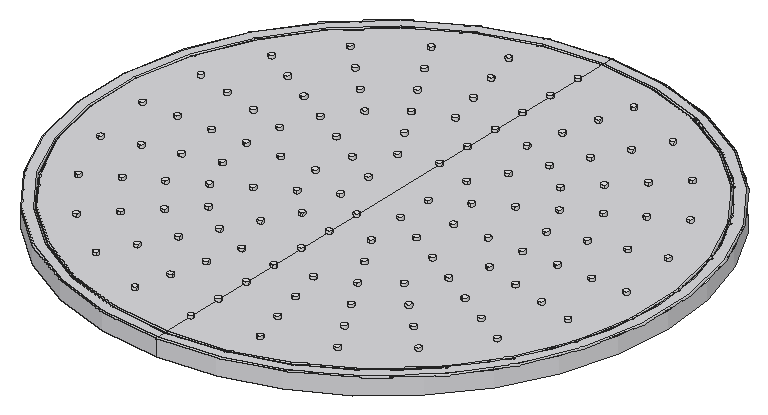
Revit family "Shower-Showerhead-KOHLER-KATALYST_AIR-K-15994T", category Plumbing Fixtures, host Face, Revit 2017
Family settings
  Host = Face
  Round Connector Dimension = Use Diameter
  Part Type = Normal
  OmniClass Number = 23.31.17.00
  OmniClass Title = Showers
  Cut with Voids When Loaded = No
  Shared = No
  Room Calculation Point = No
Parameters (values of type "CP-Polished Chrome")
  Width = 14 1/64"  # constant formula
  WaterSense Certified = 1 = 0  # no
  Waste Water Outlet = "Waste Water Outlet"  # constant formula
  Waste Connection = 1 = 0  # no
  Vent Connection = 1 = 0  # no
  URL = "http://www.kohler.com.cn/"
  Type = 1
  Product Page URL = "https://www.kohler.com.cn/product/K-15994T-CL-CP/K-15994T-CL-CP/"
  Product Name = "Katalyst "  # constant formula
  Product Documentation Link = "https://files.kohler.com.cn/pdfs/k_15994t_1.pdf"
  Pressure = 0.00 psi
  Model = if(Type = 1, "K-15994T-CL-CP", if(Type = 2, "K-15994T-CL-AF", if(Type = 3, "K-15994T-CL-BN", if(Type = 4, "K-15994T-CL-SN", if(Type = 5, "K-15994T-CL-PGD", if(Type = 6, "K-15994T-CL-BV", "NA"))))))  # "K-15994T-CL-CP"
  Material = "Premium Metal Construction"  # constant formula
  Master Format 2014 Name = "Residential Showers"  # constant formula
  Master Format 2014 = "22 42 23"  # constant formula
  Manufacturer Address = "Kohler Beijing Office (100016) 36-2-03-B, No. 88, Liuxiang Road, Beijing"  # constant formula
  Manufacturer = "KOHLER Co."  # constant formula
  Length = 2 143/256"  # constant formula
  Hot Water Inlet = "Tempered Water Inlet"  # constant formula
  Height = 14 1/64"  # constant formula
  HW Connection = 1 = 1  # yes
  Flow Rate = 0 GPM
  Finish = Kohler-Metal-CP-Polished_Chrome
  Environmental Product Declaration = ""
  Drain Included = 1 = 0  # no
  Description = "AIR SHOWERHEAD rain shower head 14"  # constant formula
  Default Elevation = 0"
  Declare Label = ""
  Date Modified = "09/16/2020"  # constant formula
  Date Created = "09/16/2020"  # constant formula
  Copyright = "Copyright KOHLER Co."  # constant formula
  Contact Us = "http://www.kohler.com.cn/contact/contact-us/"
  Cold Water Inlet = "Cold Water Inlet"  # constant formula
  CW Connection = 1 = 0  # no
  Assembly Code = "D2010700"
  ADA Compliant = 1 = 0  # no
Reference planes (in)
  plane 1 "Center (Front/Back)": y = 0
  plane 2: z = 0
  plane 3 "Center (Left/Right)": x = 0
  plane 4: x = -7.00787
  plane 5: x = 7.00775
  plane 6: y = 7.00787
  plane 7: y = -7.00775
  plane 8: z = 2.55859
  plane 9: x = -0.68898
  plane 10: x = 0.68898
  plane 11: y = 0.68898
  plane 12: y = -0.68898
  plane 13: z = 1.01991
  plane 14: z = 2.08291
Dimensions and locks (in)
  "Width": plane 4 to plane 5
  "Height": plane 6 to plane 7
  "Length": level to plane 8
  aligned and locked: plane 2 to host face
  aligned and locked: level to host face
  aligned and locked: plane 3 "Center (Left/Right)" to nested 1
  aligned and locked: plane 1 "Center (Front/Back)" to nested 1
Automatic sketch dimensions
  host sketch curve to host sketch curve = 96"  (x2)
Nested families (in)
  nested 1: "K-15994T" at (0, 0, 0), type "K-15994T"
Connectors (in)
  piping at (0, 0, 0), diameter 0.5, driven by "Flow Rate", driven by "HW Connection", driven by "Hot Water Inlet"
    settings: on nested 1, index 1, connector inside diameter 24", connector length 0", flow factor 0, pipe flow 0 GPM, pressure drop 0.00 psi, fitting loss kfactor 0, connector angle 0.00°, fixture units 0, engagement length 0", angle of deflection 0.00°, flow configuration 0, flow direction 1, fitting loss method 0, system type 19, joint type 0, gender type 0, connector reference index -1, connector utility 1, adjustable connector no, is connector primary yes, connector description "Tempered Water Inlet"
Definition of nested family "K-15994T"
  Parameters (values of type "K-15994T")
    Material = none
  Reference planes (in)
    plane 1 "Center (Front/Back)": y = 0
    plane 2: z = 0
    plane 3 "Center (Left/Right)": x = 0
    plane 4: z = 2.55906
    plane 5: y = 7.00787
    plane 6: y = -7.00787
    plane 7: x = 7.00787
    plane 8: x = -7.00787
    plane 9: y = 0.68898
    plane 10: y = -0.68898
    plane 11: x = 0.68898
    plane 12: x = -0.68898
  Forms (in)
    Revolve 1, solid, material <- "Material", detail levels medium+fine
      sketch origin (0, 0, 0) x (0, 1, 0) y (0, 0, 1)
        loop
          arc (0.47323, 0) -> (0.48938, 0.00669) -> (0.49606, 0.02283) r 0.02283
          line (0.49606, 0.02283) -> (0.49606, 0.12795) -> (0.45472, 0.16929) -> (0.45472, 0.66789)
          arc (0.45472, 0.66789) -> (0.40963, 0.71568) -> (0.35235, 0.74787) r 0.21811
          arc (0.35235, 0.74787) -> (0.30828, 0.80211) -> (0.33373, 0.8672) r 0.06941
          arc (0.33373, 0.8672) -> (0.40555, 0.93705) -> (0.46187, 1.01991) r 0.49609
          line (0.46187, 1.01991) -> (0.68898, 1.01991) -> (0.68898, 2.08291) -> (7.00787, 2.08291) -> (7.00787, 2.48568)
          arc (7.00787, 2.48568) -> (7.0008, 2.50277) -> (6.98372, 2.50984) r 0.02416
          line (6.98372, 2.50984) -> (6.75146, 2.50984)
          arc (6.75146, 2.50984) -> (6.73355, 2.50242) -> (6.72613, 2.48451) r 0.02533
          line (6.72613, 2.48451) -> (6.71137, 2.29259) -> (6.71137, 2.48444)
          arc (6.71137, 2.48444) -> (6.70393, 2.5024) -> (6.68597, 2.50984) r 0.0254
          line (6.68597, 2.50984) -> (0, 2.50984) -> (0, 0) -> (0.47323, 0)
        axis (0, 2.50984) -> (0, 0)
      angle from 0 to 360
    Extrusion 2, solid, detail levels medium+fine
      sketch origin (0, 0, 0) x (0.5, 0.866025, 0) y (-0.866025, 0.5, 0)
        loop
          circle (0, 0.84991) r 0.0652
      from 2.45692 to 2.55906
    Extrusion 3, solid, detail levels medium+fine
      sketch origin (0, 0, 0) x (-0.5, 0.866025, 0) y (-0.866025, -0.5, 0)
        loop
          circle (0, 0.84991) r 0.0652
      from 2.45692 to 2.55906
    Extrusion 4, solid, detail levels medium+fine
      sketch origin (0, 0, 0) x (-1, 0, 0) y (0, -1, 0)
        loop
          circle (0, 0.84991) r 0.0652
      from 2.45692 to 2.55906
    Extrusion 5, solid, detail levels medium+fine
      sketch origin (0, 0, 0) x (-0.5, -0.866025, 0) y (0.866025, -0.5, 0)
        loop
          circle (0, 0.84991) r 0.0652
      from 2.45692 to 2.55906
    Extrusion 6, solid, detail levels medium+fine
      sketch origin (0, 0, 0) x (0.5, -0.866025, 0) y (0.866025, 0.5, 0)
        loop
          circle (0, 0.84991) r 0.0652
      from 2.45692 to 2.55906
    Extrusion 7, solid, detail levels medium+fine
      sketch origin (0, 0, 0) x (1, 0, 0) y (0, 1, 0)
        loop
          circle (0, 1.7002) r 0.06693
      from 2.45692 to 2.55906
    Extrusion 8, solid, detail levels medium+fine
      sketch origin (0, 0, 0) x (0.866025, 0.5, 0) y (-0.5, 0.866025, 0)
        loop
          circle (0, 1.7002) r 0.06693
      from 2.45692 to 2.55906
    Extrusion 9, solid, detail levels medium+fine
      sketch origin (0, 0, 0) x (0.5, 0.866025, 0) y (-0.866025, 0.5, 0)
        loop
          circle (0, 1.7002) r 0.06693
      from 2.45692 to 2.55906
    Extrusion 10, solid, detail levels medium+fine
      sketch origin (0, 0, 0) x (0, 1, 0) y (-1, 0, 0)
        loop
          circle (0, 1.7002) r 0.06693
      from 2.45692 to 2.55906
    Extrusion 11, solid, detail levels medium+fine
      sketch origin (0, 0, 0) x (-0.5, 0.866025, 0) y (-0.866025, -0.5, 0)
        loop
          circle (0, 1.7002) r 0.06693
      from 2.45692 to 2.55906
    Extrusion 12, solid, detail levels medium+fine
      sketch origin (0, 0, 0) x (-0.866025, 0.5, 0) y (-0.5, -0.866025, 0)
        loop
          circle (0, 1.7002) r 0.06693
      from 2.45692 to 2.55906
    Extrusion 13, solid, detail levels medium+fine
      sketch origin (0, 0, 0) x (-1, 0, 0) y (0, -1, 0)
        loop
          circle (0, 1.7002) r 0.06693
      from 2.45692 to 2.55906
    Extrusion 14, solid, detail levels medium+fine
      sketch origin (0, 0, 0) x (-0.866025, -0.5, 0) y (0.5, -0.866025, 0)
        loop
          circle (0, 1.7002) r 0.06693
      from 2.45692 to 2.55906
    Extrusion 15, solid, detail levels medium+fine
      sketch origin (0, 0, 0) x (-0.5, -0.866025, 0) y (0.866025, -0.5, 0)
        loop
          circle (0, 1.7002) r 0.06693
      from 2.45692 to 2.55906
    Extrusion 16, solid, detail levels medium+fine
      sketch origin (0, 0, 0) x (0, -1, 0) y (1, 0, 0)
        loop
          circle (0, 1.7002) r 0.06693
      from 2.45692 to 2.55906
    Extrusion 17, solid, detail levels medium+fine
      sketch origin (0, 0, 0) x (0.5, -0.866025, 0) y (0.866025, 0.5, 0)
        loop
          circle (0, 1.7002) r 0.06693
      from 2.45692 to 2.55906
    Extrusion 18, solid, detail levels medium+fine
      sketch origin (0, 0, 0) x (0.866025, -0.5, 0) y (0.5, 0.866025, 0)
        loop
          circle (0, 1.7002) r 0.06693
      from 2.45692 to 2.55906
    Extrusion 19, solid, detail levels medium+fine
      sketch origin (0, 0, 0) x (1, 0, 0) y (0, 1, 0)
        loop
          circle (0, 2.55113) r 0.06693
      from 2.45692 to 2.55906
    Extrusion 20, solid, detail levels medium+fine
      sketch origin (0, 0, 0) x (0.866025, 0.5, 0) y (-0.5, 0.866025, 0)
        loop
          circle (0, 2.55113) r 0.06693
      from 2.45692 to 2.55906
    Extrusion 21, solid, detail levels medium+fine
      sketch origin (0, 0, 0) x (0.5, 0.866025, 0) y (-0.866025, 0.5, 0)
        loop
          circle (0, 2.55113) r 0.06693
      from 2.45692 to 2.55906
    Extrusion 22, solid, detail levels medium+fine
      sketch origin (0, 0, 0) x (0, 1, 0) y (-1, 0, 0)
        loop
          circle (0, 2.55113) r 0.06693
      from 2.45692 to 2.55906
    Extrusion 23, solid, detail levels medium+fine
      sketch origin (0, 0, 0) x (-0.5, 0.866025, 0) y (-0.866025, -0.5, 0)
        loop
          circle (0, 2.55113) r 0.06693
      from 2.45692 to 2.55906
    Extrusion 24, solid, detail levels medium+fine
      sketch origin (0, 0, 0) x (-0.866025, 0.5, 0) y (-0.5, -0.866025, 0)
        loop
          circle (0, 2.55113) r 0.06693
      from 2.45692 to 2.55906
    Extrusion 25, solid, detail levels medium+fine
      sketch origin (0, 0, 0) x (-1, 0, 0) y (0, -1, 0)
        loop
          circle (0, 2.55113) r 0.06693
      from 2.45692 to 2.55906
    Extrusion 26, solid, detail levels medium+fine
      sketch origin (0, 0, 0) x (-0.866025, -0.5, 0) y (0.5, -0.866025, 0)
        loop
          circle (0, 2.55113) r 0.06693
      from 2.45692 to 2.55906
    Extrusion 27, solid, detail levels medium+fine
      sketch origin (0, 0, 0) x (-0.5, -0.866025, 0) y (0.866025, -0.5, 0)
        loop
          circle (0, 2.55113) r 0.06693
      from 2.45692 to 2.55906
    Extrusion 28, solid, detail levels medium+fine
      sketch origin (0, 0, 0) x (0, -1, 0) y (1, 0, 0)
        loop
          circle (0, 2.55113) r 0.06693
      from 2.45692 to 2.55906
    Extrusion 29, solid, detail levels medium+fine
      sketch origin (0, 0, 0) x (0.5, -0.866025, 0) y (0.866025, 0.5, 0)
        loop
          circle (0, 2.55113) r 0.06693
      from 2.45692 to 2.55906
    Extrusion 30, solid, detail levels medium+fine
      sketch origin (0, 0, 0) x (0.866025, -0.5, 0) y (0.5, 0.866025, 0)
        loop
          circle (0, 2.55113) r 0.06693
      from 2.45692 to 2.55906
    Extrusion 31, solid, detail levels medium+fine
      sketch origin (0, 0, 0) x (1, 0, 0) y (0, 1, 0)
        loop
          circle (0, 3.40084) r 0.06734
        loop
          circle (0, 4.25288) r 0.06879
      from 2.45692 to 2.55906
    Extrusion 32, solid, detail levels medium+fine
      sketch origin (0, 0, 0) x (0.965926, 0.258819, 0) y (-0.258819, 0.965926, 0)
        loop
          circle (0, 3.40084) r 0.06734
        loop
          circle (0, 4.25288) r 0.06879
      from 2.45692 to 2.55906
    Extrusion 33, solid, detail levels medium+fine
      sketch origin (0, 0, 0) x (0.866025, 0.5, 0) y (-0.5, 0.866025, 0)
        loop
          circle (0, 3.40084) r 0.06734
        loop
          circle (0, 4.25288) r 0.06879
      from 2.45692 to 2.55906
    Extrusion 34, solid, detail levels medium+fine
      sketch origin (0, 0, 0) x (0.707107, 0.707107, 0) y (-0.707107, 0.707107, 0)
        loop
          circle (0, 3.40084) r 0.06734
        loop
          circle (0, 4.25288) r 0.06879
      from 2.45692 to 2.55906
    Extrusion 35, solid, detail levels medium+fine
      sketch origin (0, 0, 0) x (0.5, 0.866025, 0) y (-0.866025, 0.5, 0)
        loop
          circle (0, 3.40084) r 0.06734
        loop
          circle (0, 4.25288) r 0.06879
      from 2.45692 to 2.55906
    Extrusion 36, solid, detail levels medium+fine
      sketch origin (0, 0, 0) x (0.258819, 0.965926, 0) y (-0.965926, 0.258819, 0)
        loop
          circle (0, 3.40084) r 0.06734
        loop
          circle (0, 4.25288) r 0.06879
      from 2.45692 to 2.55906
    Extrusion 37, solid, detail levels medium+fine
      sketch origin (0, 0, 0) x (0, 1, 0) y (-1, 0, 0)
        loop
          circle (0, 3.40084) r 0.06734
        loop
          circle (0, 4.25288) r 0.06879
      from 2.45692 to 2.55906
    Extrusion 38, solid, detail levels medium+fine
      sketch origin (0, 0, 0) x (-0.258819, 0.965926, 0) y (-0.965926, -0.258819, 0)
        loop
          circle (0, 3.40084) r 0.06734
        loop
          circle (0, 4.25288) r 0.06879
      from 2.45692 to 2.55906
    Extrusion 39, solid, detail levels medium+fine
      sketch origin (0, 0, 0) x (-0.5, 0.866025, 0) y (-0.866025, -0.5, 0)
        loop
          circle (0, 3.40084) r 0.06734
        loop
          circle (0, 4.25288) r 0.06879
      from 2.45692 to 2.55906
    Extrusion 40, solid, detail levels medium+fine
      sketch origin (0, 0, 0) x (-0.707107, 0.707107, 0) y (-0.707107, -0.707107, 0)
        loop
          circle (0, 3.40084) r 0.06734
        loop
          circle (0, 4.25288) r 0.06879
      from 2.45692 to 2.55906
    Extrusion 41, solid, detail levels medium+fine
      sketch origin (0, 0, 0) x (-0.866025, 0.5, 0) y (-0.5, -0.866025, 0)
        loop
          circle (0, 3.40084) r 0.06734
        loop
          circle (0, 4.25288) r 0.06879
      from 2.45692 to 2.55906
    Extrusion 42, solid, detail levels medium+fine
      sketch origin (0, 0, 0) x (-0.965926, 0.258819, 0) y (-0.258819, -0.965926, 0)
        loop
          circle (0, 3.40084) r 0.06734
        loop
          circle (0, 4.25288) r 0.06879
      from 2.45692 to 2.55906
    Extrusion 43, solid, detail levels medium+fine
      sketch origin (0, 0, 0) x (-1, 0, 0) y (0, -1, 0)
        loop
          circle (0, 3.40084) r 0.06734
        loop
          circle (0, 4.25288) r 0.06879
      from 2.45692 to 2.55906
    Extrusion 44, solid, detail levels medium+fine
      sketch origin (0, 0, 0) x (-0.965926, -0.258819, 0) y (0.258819, -0.965926, 0)
        loop
          circle (0, 3.40084) r 0.06734
        loop
          circle (0, 4.25288) r 0.06879
      from 2.45692 to 2.55906
    Extrusion 45, solid, detail levels medium+fine
      sketch origin (0, 0, 0) x (-0.866025, -0.5, 0) y (0.5, -0.866025, 0)
        loop
          circle (0, 3.40084) r 0.06734
        loop
          circle (0, 4.25288) r 0.06879
      from 2.45692 to 2.55906
    Extrusion 46, solid, detail levels medium+fine
      sketch origin (0, 0, 0) x (-0.707107, -0.707107, 0) y (0.707107, -0.707107, 0)
        loop
          circle (0, 3.40084) r 0.06734
        loop
          circle (0, 4.25288) r 0.06879
      from 2.45692 to 2.55906
    Extrusion 47, solid, detail levels medium+fine
      sketch origin (0, 0, 0) x (-0.5, -0.866025, 0) y (0.866025, -0.5, 0)
        loop
          circle (0, 3.40084) r 0.06734
        loop
          circle (0, 4.25288) r 0.06879
      from 2.45692 to 2.55906
    Extrusion 48, solid, detail levels medium+fine
      sketch origin (0, 0, 0) x (-0.258819, -0.965926, 0) y (0.965926, -0.258819, 0)
        loop
          circle (0, 3.40084) r 0.06734
        loop
          circle (0, 4.25288) r 0.06879
      from 2.45692 to 2.55906
    Extrusion 49, solid, detail levels medium+fine
      sketch origin (0, 0, 0) x (0, -1, 0) y (1, 0, 0)
        loop
          circle (0, 3.40084) r 0.06734
        loop
          circle (0, 4.25288) r 0.06879
      from 2.45692 to 2.55906
    Extrusion 50, solid, detail levels medium+fine
      sketch origin (0, 0, 0) x (0.258819, -0.965926, 0) y (0.965926, 0.258819, 0)
        loop
          circle (0, 3.40084) r 0.06734
        loop
          circle (0, 4.25288) r 0.06879
      from 2.45692 to 2.55906
    Extrusion 51, solid, detail levels medium+fine
      sketch origin (0, 0, 0) x (0.5, -0.866025, 0) y (0.866025, 0.5, 0)
        loop
          circle (0, 3.40084) r 0.06734
        loop
          circle (0, 4.25288) r 0.06879
      from 2.45692 to 2.55906
    Extrusion 52, solid, detail levels medium+fine
      sketch origin (0, 0, 0) x (0.707107, -0.707107, 0) y (0.707107, 0.707107, 0)
        loop
          circle (0, 3.40084) r 0.06734
        loop
          circle (0, 4.25288) r 0.06879
      from 2.45692 to 2.55906
    Extrusion 53, solid, detail levels medium+fine
      sketch origin (0, 0, 0) x (0.866025, -0.5, 0) y (0.5, 0.866025, 0)
        loop
          circle (0, 3.40084) r 0.06734
        loop
          circle (0, 4.25288) r 0.06879
      from 2.45692 to 2.55906
    Extrusion 54, solid, detail levels medium+fine
      sketch origin (0, 0, 0) x (0.965926, -0.258819, 0) y (0.258819, 0.965926, 0)
        loop
          circle (0, 3.40084) r 0.06734
        loop
          circle (0, 4.25288) r 0.06879
      from 2.45692 to 2.55906
    Extrusion 55, solid, detail levels medium+fine
      sketch origin (0, 0, 0) x (1, 0, 0) y (0, 1, 0)
        loop
          circle (0, 5.10273) r 0.06693
        loop
          circle (0, 5.95532) r 0.06505
      from 2.45692 to 2.55906
    Extrusion 56, solid, detail levels medium+fine
      sketch origin (0, 0, 0) x (0.965926, 0.258819, 0) y (-0.258819, 0.965926, 0)
        loop
          circle (0, 5.10273) r 0.06693
        loop
          circle (0, 5.95532) r 0.06505
      from 2.45692 to 2.55906
    Extrusion 57, solid, detail levels medium+fine
      sketch origin (0, 0, 0) x (0.866025, 0.5, 0) y (-0.5, 0.866025, 0)
        loop
          circle (0, 5.10273) r 0.06693
        loop
          circle (0, 5.95532) r 0.06505
      from 2.45692 to 2.55906
    Extrusion 58, solid, detail levels medium+fine
      sketch origin (0, 0, 0) x (0.707107, 0.707107, 0) y (-0.707107, 0.707107, 0)
        loop
          circle (0, 5.10273) r 0.06693
        loop
          circle (0, 5.95532) r 0.06505
      from 2.45692 to 2.55906
    Extrusion 59, solid, detail levels medium+fine
      sketch origin (0, 0, 0) x (0.5, 0.866025, 0) y (-0.866025, 0.5, 0)
        loop
          circle (0, 5.10273) r 0.06693
        loop
          circle (0, 5.95532) r 0.06505
      from 2.45692 to 2.55906
    Extrusion 60, solid, detail levels medium+fine
      sketch origin (0, 0, 0) x (0.258819, 0.965926, 0) y (-0.965926, 0.258819, 0)
        loop
          circle (0, 5.10273) r 0.06693
        loop
          circle (0, 5.95532) r 0.06505
      from 2.45692 to 2.55906
    Extrusion 61, solid, detail levels medium+fine
      sketch origin (0, 0, 0) x (0, 1, 0) y (-1, 0, 0)
        loop
          circle (0, 5.10273) r 0.06693
        loop
          circle (0, 5.95532) r 0.06505
      from 2.45692 to 2.55906
    Extrusion 62, solid, detail levels medium+fine
      sketch origin (0, 0, 0) x (-0.258819, 0.965926, 0) y (-0.965926, -0.258819, 0)
        loop
          circle (0, 5.10273) r 0.06693
        loop
          circle (0, 5.95532) r 0.06505
      from 2.45692 to 2.55906
    Extrusion 63, solid, detail levels medium+fine
      sketch origin (0, 0, 0) x (-0.5, 0.866025, 0) y (-0.866025, -0.5, 0)
        loop
          circle (0, 5.10273) r 0.06693
        loop
          circle (0, 5.95532) r 0.06505
      from 2.45692 to 2.55906
    Extrusion 64, solid, detail levels medium+fine
      sketch origin (0, 0, 0) x (-0.707107, 0.707107, 0) y (-0.707107, -0.707107, 0)
        loop
          circle (0, 5.10273) r 0.06693
        loop
          circle (0, 5.95532) r 0.06505
      from 2.45692 to 2.55906
    Extrusion 65, solid, detail levels medium+fine
      sketch origin (0, 0, 0) x (-0.866025, 0.5, 0) y (-0.5, -0.866025, 0)
        loop
          circle (0, 5.10273) r 0.06693
        loop
          circle (0, 5.95532) r 0.06505
      from 2.45692 to 2.55906
    Extrusion 66, solid, detail levels medium+fine
      sketch origin (0, 0, 0) x (-0.965926, 0.258819, 0) y (-0.258819, -0.965926, 0)
        loop
          circle (0, 5.10273) r 0.06693
        loop
          circle (0, 5.95532) r 0.06505
      from 2.45692 to 2.55906
    Extrusion 67, solid, detail levels medium+fine
      sketch origin (0, 0, 0) x (-1, 0, 0) y (0, -1, 0)
        loop
          circle (0, 5.10273) r 0.06693
        loop
          circle (0, 5.95532) r 0.06505
      from 2.45692 to 2.55906
    Extrusion 68, solid, detail levels medium+fine
      sketch origin (0, 0, 0) x (-0.965926, -0.258819, 0) y (0.258819, -0.965926, 0)
        loop
          circle (0, 5.10273) r 0.06693
        loop
          circle (0, 5.95532) r 0.06505
      from 2.45692 to 2.55906
    Extrusion 69, solid, detail levels medium+fine
      sketch origin (0, 0, 0) x (-0.866025, -0.5, 0) y (0.5, -0.866025, 0)
        loop
          circle (0, 5.10273) r 0.06693
        loop
          circle (0, 5.95532) r 0.06505
      from 2.45692 to 2.55906
    Extrusion 70, solid, detail levels medium+fine
      sketch origin (0, 0, 0) x (-0.707107, -0.707107, 0) y (0.707107, -0.707107, 0)
        loop
          circle (0, 5.10273) r 0.06693
        loop
          circle (0, 5.95532) r 0.06505
      from 2.45692 to 2.55906
    Extrusion 71, solid, detail levels medium+fine
      sketch origin (0, 0, 0) x (-0.5, -0.866025, 0) y (0.866025, -0.5, 0)
        loop
          circle (0, 5.10273) r 0.06693
        loop
          circle (0, 5.95532) r 0.06505
      from 2.45692 to 2.55906
    Extrusion 72, solid, detail levels medium+fine
      sketch origin (0, 0, 0) x (-0.258819, -0.965926, 0) y (0.965926, -0.258819, 0)
        loop
          circle (0, 5.10273) r 0.06693
        loop
          circle (0, 5.95532) r 0.06505
      from 2.45692 to 2.55906
    Extrusion 73, solid, detail levels medium+fine
      sketch origin (0, 0, 0) x (0, -1, 0) y (1, 0, 0)
        loop
          circle (0, 5.10273) r 0.06693
        loop
          circle (0, 5.95532) r 0.06505
      from 2.45692 to 2.55906
    Extrusion 74, solid, detail levels medium+fine
      sketch origin (0, 0, 0) x (0.258819, -0.965926, 0) y (0.965926, 0.258819, 0)
        loop
          circle (0, 5.10273) r 0.06693
        loop
          circle (0, 5.95532) r 0.06505
      from 2.45692 to 2.55906
    Extrusion 75, solid, detail levels medium+fine
      sketch origin (0, 0, 0) x (0.5, -0.866025, 0) y (0.866025, 0.5, 0)
        loop
          circle (0, 5.10273) r 0.06693
        loop
          circle (0, 5.95532) r 0.06505
      from 2.45692 to 2.55906
    Extrusion 76, solid, detail levels medium+fine
      sketch origin (0, 0, 0) x (0.707107, -0.707107, 0) y (0.707107, 0.707107, 0)
        loop
          circle (0, 5.10273) r 0.06693
        loop
          circle (0, 5.95532) r 0.06505
      from 2.45692 to 2.55906
    Extrusion 77, solid, detail levels medium+fine
      sketch origin (0, 0, 0) x (0.866025, -0.5, 0) y (0.5, 0.866025, 0)
        loop
          circle (0, 5.10273) r 0.06693
        loop
          circle (0, 5.95532) r 0.06505
      from 2.45692 to 2.55906
    Extrusion 78, solid, detail levels medium+fine
      sketch origin (0, 0, 0) x (0.965926, -0.258819, 0) y (0.258819, 0.965926, 0)
        loop
          circle (0, 5.10273) r 0.06693
        loop
          circle (0, 5.95532) r 0.06505
      from 2.45692 to 2.55906
    Revolve 79, solid, material <- "Material", detail levels coarse
      sketch origin (0, 0, 0) x (0, 1, 0) y (0, 0, 1)
        loop
          line (0, 2.55906) -> (0, 0) -> (0.49606, 0) -> (0.49606, 0.12795) -> (0.45472, 0.16929) -> (0.45472, 1.01991) -> (0.68898, 1.01991) -> (0.68898, 2.08291) -> (7.00787, 2.08291) -> (7.00787, 2.55906) -> (0, 2.55906)
        axis (0, 0) -> (0, 2.55906)
      angle from 0 to 360
    Extrusion 80, solid, detail levels medium+fine
      sketch origin (0, 0, 0) x (1, 0, 0) y (0, 1, 0)
        loop
          circle (0, 0) r 0.05259
      from 0 to 0.0431
  Lines and regions (in)
    Masking region 1
      outline origin (0, 0, 0) x (0, 1, 0) y (0, 0, 1)
        loop
          arc (0.4732, 0) -> (0.48937, 0.0067) -> (0.49606, 0.02286) r 0.02286
          line (0.49606, 0.02286) -> (0.49606, 0.12795) -> (0.45472, 0.16929) -> (0.45472, 0.66789)
          arc (0.45472, 0.66789) -> (0.40815, 0.71542) -> (0.35075, 0.74912) r 0.25221
          arc (0.35075, 0.74912) -> (0.30963, 0.80482) -> (0.33534, 0.86912) r 0.07115
          arc (0.33534, 0.86912) -> (0.40581, 0.93847) -> (0.46187, 1.01991) r 0.51976
          line (0.46187, 1.01991) -> (0.68898, 1.01991) -> (0.68898, 2.08291) -> (7.00787, 2.08291) -> (7.00787, 2.48548)
          arc (7.00787, 2.48548) -> (7.00074, 2.50271) -> (6.98351, 2.50984) r 0.02436
          line (6.98351, 2.50984) -> (6.02159, 2.50984) -> (6.02159, 2.55906) -> (5.88849, 2.55906) -> (5.88849, 2.50984) -> (5.8173, 2.50984) -> (5.8173, 2.55906) -> (5.68885, 2.55906) -> (5.68885, 2.50984) -> (5.22109, 2.50984) -> (5.22109, 2.55906) -> (5.03574, 2.55906) -> (5.03574, 2.50984) -> (4.99464, 2.50984) -> (4.99464, 2.55906) -> (4.8599, 2.55906) -> (4.8599, 2.50984) -> (4.48753, 2.50984) -> (4.48753, 2.55906) -> (4.35304, 2.55906) -> (4.35304, 2.50984) -> (4.32092, 2.50984) -> (4.32092, 2.55906) -> (4.03914, 2.55906) -> (4.03914, 2.50984) -> (3.75096, 2.50984) -> (3.75096, 2.55906) -> (3.54125, 2.55906) -> (3.54125, 2.50984) -> (3.46664, 2.50984) -> (3.46664, 2.55906) -> (3.21762, 2.55906) -> (3.21762, 2.50984) -> (3.07682, 2.50984) -> (3.07682, 2.55906) -> (2.87787, 2.55906) -> (2.87787, 2.50984) -> (2.61807, 2.50984) -> (2.61807, 2.55906) -> (2.3358, 2.55906) -> (2.3358, 2.50984) -> (2.27547, 2.50984) -> (2.27547, 2.55906) -> (2.05765, 2.55906) -> (2.05765, 2.50984) -> (1.76785, 2.50984) -> (1.76785, 2.55906) -> (1.63308, 2.55906) -> (1.63308, 2.50984) -> (1.60135, 2.50984) -> (1.60135, 2.55906) -> (1.40549, 2.55906) -> (1.40549, 2.50984) -> (1.37172, 2.50984) -> (1.37172, 2.55906) -> (1.20863, 2.55906) -> (1.20863, 2.50984) -> (1.17075, 2.50984) -> (1.17075, 2.55906) -> (1.03194, 2.55906) -> (1.03194, 2.50984) -> (0.94707, 2.50984) -> (0.94707, 2.55906) -> (0.78317, 2.55906) -> (0.78317, 2.50984) -> (0.48897, 2.50984) -> (0.48897, 2.55906) -> (0.35975, 2.55906) -> (0.35975, 2.50984) -> (0.06758, 2.50984) -> (0.06758, 2.55906) -> (0, 2.55906) -> (-0.06758, 2.55906) -> (-0.06758, 2.50984) -> (-0.35975, 2.50984) -> (-0.35975, 2.55906) -> (-0.48897, 2.55906) -> (-0.48897, 2.50984) -> (-0.78317, 2.50984) -> (-0.78317, 2.55906) -> (-0.94707, 2.55906) -> (-0.94707, 2.50984) -> (-1.03194, 2.50984) -> (-1.03194, 2.55906) -> (-1.17075, 2.55906) -> (-1.17075, 2.50984) -> (-1.20863, 2.50984) -> (-1.20863, 2.55906) -> (-1.37172, 2.55906) -> (-1.37172, 2.50984) -> (-1.40549, 2.50984) -> (-1.40549, 2.55906) -> (-1.60135, 2.55906) -> (-1.60135, 2.50984) -> (-1.63308, 2.50984) -> (-1.63308, 2.55906) -> (-1.76785, 2.55906) -> (-1.76785, 2.50984) -> (-2.05765, 2.50984) -> (-2.05765, 2.55906) -> (-2.27547, 2.55906) -> (-2.27547, 2.50984) -> (-2.3358, 2.50984) -> (-2.3358, 2.55906) -> (-2.61807, 2.55906) -> (-2.61807, 2.50984) -> (-2.87787, 2.50984) -> (-2.87787, 2.55906) -> (-3.07682, 2.55906) -> (-3.07682, 2.50984) -> (-3.21762, 2.50984) -> (-3.21762, 2.55906) -> (-3.46664, 2.55906) -> (-3.46664, 2.50984) -> (-3.54125, 2.50984) -> (-3.54125, 2.55906) -> (-3.75096, 2.55906) -> (-3.75096, 2.50984) -> (-4.03914, 2.50984) -> (-4.03914, 2.55906) -> (-4.32092, 2.55906) -> (-4.32092, 2.50984) -> (-4.35304, 2.50984) -> (-4.35304, 2.55906) -> (-4.48753, 2.55906) -> (-4.48753, 2.50984) -> (-4.8599, 2.50984) -> (-4.8599, 2.55906) -> (-4.99464, 2.55906) -> (-4.99464, 2.50984) -> (-5.03574, 2.50984) -> (-5.03574, 2.55906) -> (-5.22109, 2.55906) -> (-5.22109, 2.50984) -> (-5.68885, 2.50984) -> (-5.68885, 2.55906) -> (-5.8173, 2.55906) -> (-5.8173, 2.50984) -> (-5.88849, 2.50984) -> (-5.88849, 2.55906) -> (-6.02159, 2.55906) -> (-6.02159, 2.50984) -> (-6.98351, 2.50984)
          arc (-6.98351, 2.50984) -> (-7.00074, 2.50271) -> (-7.00787, 2.48548) r 0.02436
          line (-7.00787, 2.48548) -> (-7.00787, 2.08291) -> (-0.68898, 2.08291) -> (-0.68898, 1.01991) -> (-0.46187, 1.01991)
          arc (-0.46187, 1.01991) -> (-0.40581, 0.93847) -> (-0.33534, 0.86912) r 0.51976
          arc (-0.33534, 0.86912) -> (-0.30963, 0.80482) -> (-0.35075, 0.74912) r 0.07115
          arc (-0.35075, 0.74912) -> (-0.40815, 0.71542) -> (-0.45472, 0.66789) r 0.25221
          line (-0.45472, 0.66789) -> (-0.45472, 0.16929) -> (-0.49606, 0.12795) -> (-0.49606, 0.02286)
          arc (-0.49606, 0.02286) -> (-0.48937, 0.0067) -> (-0.4732, 0) r 0.02286
          line (-0.4732, 0) -> (0.4732, 0)
    Masking region 2
      outline origin (0, 0, 0) x (1, 0, 0) y (0, 0, 1)
        loop
          arc (0.47327, 0) -> (0.48939, 0.00668) -> (0.49606, 0.02279) r 0.02279
          line (0.49606, 0.02279) -> (0.49606, 0.12795) -> (0.45472, 0.16929) -> (0.45472, 0.66789)
          arc (0.45472, 0.66789) -> (0.4111, 0.71495) -> (0.35515, 0.74637) r 0.2066
          arc (0.35515, 0.74637) -> (0.30948, 0.80197) -> (0.33534, 0.86912) r 0.07146
          arc (0.33534, 0.86912) -> (0.40606, 0.93826) -> (0.46187, 1.01991) r 0.50254
          line (0.46187, 1.01991) -> (0.68898, 1.01991) -> (0.68898, 2.08291) -> (7.00787, 2.08291) -> (7.00787, 2.48591)
          arc (7.00787, 2.48591) -> (7.00086, 2.50283) -> (6.98394, 2.50984) r 0.02394
          line (6.98394, 2.50984) -> (6.02024, 2.50984) -> (6.02024, 2.55906) -> (5.89026, 2.55906) -> (5.89026, 2.50984) -> (5.8175, 2.50984) -> (5.8175, 2.55906) -> (5.68734, 2.55906) -> (5.68734, 2.50984) -> (5.22253, 2.50984) -> (5.22253, 2.55906) -> (5.0358, 2.55906) -> (5.0358, 2.50984) -> (4.99674, 2.50984) -> (4.99674, 2.55906) -> (4.86193, 2.55906) -> (4.86193, 2.50984) -> (4.48721, 2.50984) -> (4.48721, 2.55906) -> (4.35217, 2.55906) -> (4.35217, 2.50984) -> (4.31911, 2.50984) -> (4.31911, 2.55906) -> (4.03918, 2.55906) -> (4.03918, 2.50984) -> (3.75293, 2.50984) -> (3.75293, 2.55906) -> (3.54125, 2.55906) -> (3.54125, 2.50984) -> (3.46873, 2.50984) -> (3.46873, 2.55906) -> (3.21762, 2.55906) -> (3.21762, 2.50984) -> (3.07717, 2.50984) -> (3.07717, 2.55906) -> (2.87787, 2.55906) -> (2.87787, 2.50984) -> (2.61739, 2.50984) -> (2.61739, 2.55906) -> (2.33742, 2.55906) -> (2.33742, 2.50984) -> (2.27604, 2.50984) -> (2.27604, 2.55906) -> (2.05765, 2.55906) -> (2.05765, 2.50984) -> (1.76419, 2.50984) -> (1.76419, 2.55906) -> (1.2176, 2.55906) -> (1.2176, 2.50984) -> (1.1697, 2.50984) -> (1.1697, 2.55898) -> (1.03111, 2.55898) -> (1.03111, 2.50984) -> (0.94744, 2.50984) -> (0.94744, 2.55906) -> (0.67084, 2.55906) -> (0.67084, 2.50984) -> (0.06702, 2.50984) -> (0.06702, 2.55906) -> (0, 2.55906) -> (-0.06702, 2.55906) -> (-0.06702, 2.50984) -> (-0.67084, 2.50984) -> (-0.67084, 2.55906) -> (-0.94744, 2.55906) -> (-0.94744, 2.50984) -> (-1.03111, 2.50984) -> (-1.03111, 2.55898) -> (-1.1697, 2.55898) -> (-1.1697, 2.50984) -> (-1.2176, 2.50984) -> (-1.2176, 2.55906) -> (-1.76419, 2.55906) -> (-1.76419, 2.50984) -> (-2.05765, 2.50984) -> (-2.05765, 2.55906) -> (-2.27604, 2.55906) -> (-2.27604, 2.50984) -> (-2.33742, 2.50984) -> (-2.33742, 2.55906) -> (-2.61739, 2.55906) -> (-2.61739, 2.50984) -> (-2.87787, 2.50984) -> (-2.87787, 2.55906) -> (-3.07717, 2.55906) -> (-3.07717, 2.50984) -> (-3.21762, 2.50984) -> (-3.21762, 2.55906) -> (-3.46873, 2.55906) -> (-3.46873, 2.50984) -> (-3.54125, 2.50984) -> (-3.54125, 2.55906) -> (-3.75293, 2.55906) -> (-3.75293, 2.50984) -> (-4.03918, 2.50984) -> (-4.03918, 2.55906) -> (-4.31911, 2.55906) -> (-4.31911, 2.50984) -> (-4.35217, 2.50984) -> (-4.35217, 2.55906) -> (-4.48721, 2.55906) -> (-4.48721, 2.50984) -> (-4.86193, 2.50984) -> (-4.86193, 2.55906) -> (-4.99674, 2.55906) -> (-4.99674, 2.50984) -> (-5.0358, 2.50984) -> (-5.0358, 2.55906) -> (-5.22253, 2.55906) -> (-5.22253, 2.50984) -> (-5.68734, 2.50984) -> (-5.68734, 2.55906) -> (-5.8175, 2.55906) -> (-5.8175, 2.50984) -> (-5.89026, 2.50984) -> (-5.89026, 2.55906) -> (-6.02024, 2.55906) -> (-6.02024, 2.50984) -> (-6.98394, 2.50984)
          arc (-6.98394, 2.50984) -> (-7.00086, 2.50283) -> (-7.00787, 2.48591) r 0.02394
          line (-7.00787, 2.48591) -> (-7.00787, 2.08291) -> (-0.68898, 2.08291) -> (-0.68898, 1.01991) -> (-0.46187, 1.01991)
          arc (-0.46187, 1.01991) -> (-0.40606, 0.93826) -> (-0.33534, 0.86912) r 0.50254
          arc (-0.33534, 0.86912) -> (-0.30948, 0.80197) -> (-0.35515, 0.74637) r 0.07146
          arc (-0.35515, 0.74637) -> (-0.4111, 0.71495) -> (-0.45472, 0.66789) r 0.2066
          line (-0.45472, 0.66789) -> (-0.45472, 0.16929) -> (-0.49606, 0.12795) -> (-0.49606, 0.02279)
          arc (-0.49606, 0.02279) -> (-0.48939, 0.00668) -> (-0.47327, 0) r 0.02279
          line (-0.47327, 0) -> (0.47327, 0)
    Masking region 3
      outline origin (0, 0, 0) x (1, 0, 0) y (0, 1, 0)
        loop
          circle (0, 0) r 7.00787
    symbolic lines, detail levels medium+fine
      curve 1: line (0, 0.49606, 0.12795) -> (0, -0.49606, 0.12795)
      curve 2: line (0, 0.45472, 0.16929) -> (0, -0.45472, 0.16929)
      curve 3: line (0, 0.45472, 0.66789) -> (0, -0.45472, 0.66789)
      curve 4: line (0, 0.46187, 1.01991) -> (0, -0.46187, 1.01991)
      curve 5: line (0, 0.68898, 2.08291) -> (0, -0.68898, 2.08291)
      curve 6: line (0, 6.02159, 2.50984) -> (0, 5.88849, 2.50984)
      curve 7: line (0, 5.8173, 2.50984) -> (0, 5.68885, 2.50984)
      curve 8: line (0, 5.22109, 2.50984) -> (0, 5.03574, 2.50984)
      curve 9: line (0, 5.16966, 2.55906) -> (0, 5.16966, 2.50984)
      curve 10: line (0, 5.0924, 2.55906) -> (0, 5.0924, 2.50984)
      curve 11: line (0, 4.99464, 2.50984) -> (0, 4.8599, 2.50984)
      curve 12: line (0, 4.48753, 2.50984) -> (0, 4.35304, 2.50984)
      curve 13: line (0, 4.32092, 2.50984) -> (0, 4.03914, 2.50984)
      curve 14: line (0, 4.27949, 2.50984) -> (0, 4.27949, 2.55906)
      curve 15: line (0, 4.14636, 2.50984) -> (0, 4.14636, 2.55906)
      curve 16: line (0, 3.75096, 2.50984) -> (0, 3.54125, 2.50984)
      curve 17: line (0, 3.67511, 2.55906) -> (0, 3.67511, 2.50984)
      curve 18: line (0, 3.46664, 2.50984) -> (0, 3.21762, 2.50984)
      curve 19: line (0, 3.3523, 2.55906) -> (0, 3.3523, 2.50984)
      curve 20: line (0, 3.07682, 2.50984) -> (0, 2.87787, 2.50984)
      curve 21: line (0, 3.04271, 2.55906) -> (0, 3.04271, 2.50984)
      curve 22: line (0, 2.92132, 2.55906) -> (0, 2.92132, 2.50984)
      curve 23: line (0, 2.61807, 2.50984) -> (0, 2.3358, 2.50984)
      curve 24: line (0, 2.4842, 2.55906) -> (0, 2.4842, 2.50984)
      curve 25: line (0, 2.19522, 2.55906) -> (0, 2.19522, 2.50984)
      curve 26: line (0, 2.14241, 2.55906) -> (0, 2.14241, 2.50984)
      curve 27: line (0, 2.27547, 2.50984) -> (0, 2.05765, 2.50984)
      curve 28: line (0, 1.76785, 2.50984) -> (0, 1.63308, 2.50984)
      curve 29: line (0, 1.60135, 2.50984) -> (0, 1.40549, 2.50984)
      curve 30: line (0, 1.53935, 2.55906) -> (0, 1.53935, 2.50984)
      curve 31: line (0, 1.37172, 2.50984) -> (0, 1.20863, 2.50984)
      curve 32: line (0, 1.17075, 2.50984) -> (0, 1.03194, 2.50984)
      curve 33: line (0, 0.94707, 2.50984) -> (0, 0.78317, 2.50984)
      curve 34: line (0, 0.48897, 2.50984) -> (0, 0.35975, 2.50984)
      curve 35: line (0, 0.06758, 2.50984) -> (0, -0.06758, 2.50984)
      curve 36: line (0, -6.02159, 2.50984) -> (0, -5.88849, 2.50984)
      curve 37: line (0, -5.8173, 2.50984) -> (0, -5.68885, 2.50984)
      curve 38: line (0, -5.22109, 2.50984) -> (0, -5.03574, 2.50984)
      curve 39: line (0, -5.16966, 2.55906) -> (0, -5.16966, 2.50984)
      curve 40: line (0, -5.0924, 2.55906) -> (0, -5.0924, 2.50984)
      curve 41: line (0, -4.99464, 2.50984) -> (0, -4.8599, 2.50984)
      curve 42: line (0, -4.48753, 2.50984) -> (0, -4.35304, 2.50984)
      curve 43: line (0, -4.32092, 2.50984) -> (0, -4.03914, 2.50984)
      curve 44: line (0, -4.27949, 2.50984) -> (0, -4.27949, 2.55906)
      curve 45: line (0, -4.14636, 2.50984) -> (0, -4.14636, 2.55906)
      curve 46: line (0, -3.75096, 2.50984) -> (0, -3.54125, 2.50984)
      curve 47: line (0, -3.67511, 2.55906) -> (0, -3.67511, 2.50984)
      curve 48: line (0, -3.46664, 2.50984) -> (0, -3.21762, 2.50984)
      curve 49: line (0, -3.3523, 2.55906) -> (0, -3.3523, 2.50984)
      curve 50: line (0, -3.07682, 2.50984) -> (0, -2.87787, 2.50984)
      curve 51: line (0, -3.04271, 2.55906) -> (0, -3.04271, 2.50984)
      curve 52: line (0, -2.92132, 2.55906) -> (0, -2.92132, 2.50984)
      curve 53: line (0, -2.61807, 2.50984) -> (0, -2.3358, 2.50984)
      curve 54: line (0, -2.4842, 2.55906) -> (0, -2.4842, 2.50984)
      curve 55: line (0, -2.19522, 2.55906) -> (0, -2.19522, 2.50984)
      curve 56: line (0, -2.14241, 2.55906) -> (0, -2.14241, 2.50984)
      curve 57: line (0, -2.27547, 2.50984) -> (0, -2.05765, 2.50984)
      curve 58: line (0, -1.76785, 2.50984) -> (0, -1.63308, 2.50984)
      curve 59: line (0, -1.60135, 2.50984) -> (0, -1.40549, 2.50984)
      curve 60: line (0, -1.53935, 2.55906) -> (0, -1.53935, 2.50984)
      curve 61: line (0, -1.37172, 2.50984) -> (0, -1.20863, 2.50984)
      curve 62: line (0, -1.17075, 2.50984) -> (0, -1.03194, 2.50984)
      curve 63: line (0, -0.94707, 2.50984) -> (0, -0.78317, 2.50984)
      curve 64: line (0, -0.48897, 2.50984) -> (0, -0.35975, 2.50984)
      curve 65: line (0.49606, 0, 0.12795) -> (-0.49606, 0, 0.12795)
      curve 66: line (0.45472, 0, 0.16929) -> (-0.45472, 0, 0.16929)
      curve 67: line (0.45472, 0, 0.66789) -> (-0.45472, 0, 0.66789)
      curve 68: line (0.46187, 0, 1.01991) -> (-0.46187, 0, 1.01991)
      curve 69: line (0.68898, 0, 2.08291) -> (-0.68898, 0, 2.08291)
      curve 70: line (6.02024, 0, 2.50984) -> (5.89026, 0, 2.50984)
      curve 71: line (5.8175, 0, 2.50984) -> (5.68734, 0, 2.50984)
      curve 72: line (5.22253, 0, 2.50984) -> (5.0358, 0, 2.50984)
      curve 73: line (5.16966, 0, 2.55906) -> (5.16966, 0, 2.50984)
      curve 74: line (4.99674, 0, 2.50984) -> (4.86193, 0, 2.50984)
      curve 75: line (4.48721, 0, 2.50984) -> (4.35217, 0, 2.50984)
      curve 76: line (4.31911, 0, 2.50984) -> (4.03918, 0, 2.50984)
      curve 77: line (4.18409, 0, 2.55906) -> (4.18409, 0, 2.50984)
      curve 78: line (3.75293, 0, 2.50984) -> (3.54125, 0, 2.50984)
      curve 79: line (3.6555, 0, 2.55906) -> (3.6555, 0, 2.50984)
      curve 80: line (3.46873, 0, 2.50984) -> (3.21762, 0, 2.50984)
      curve 81: line (3.3523, 0, 2.55906) -> (3.3523, 0, 2.50984)
      curve 82: line (3.3335, 0, 2.55906) -> (3.3335, 0, 2.50984)
      curve 83: line (3.07717, 0, 2.50984) -> (2.87787, 0, 2.50984)
      curve 84: line (3.04271, 0, 2.55906) -> (3.04271, 0, 2.50984)
      curve 85: line (2.91154, 0, 2.55906) -> (2.91154, 0, 2.50984)
      curve 86: line (2.61739, 0, 2.50984) -> (2.33742, 0, 2.50984)
      curve 87: line (2.48444, 0, 2.55906) -> (2.48444, 0, 2.50984)
      curve 88: line (2.27604, 0, 2.50984) -> (2.05765, 0, 2.50984)
      curve 89: line (2.18601, 0, 2.55906) -> (2.18601, 0, 2.50984)
      curve 90: line (1.76419, 0, 2.50984) -> (1.2176, 0, 2.50984)
      curve 91: line (1.63327, 0, 2.55906) -> (1.63327, 0, 2.50984)
      curve 92: line (1.34249, 0, 2.55906) -> (1.34249, 0, 2.50984)
      curve 93: line (1.4763, 0, 2.55906) -> (1.4763, 0, 2.50984)
      curve 94: line (1.53958, 0, 2.50984) -> (1.53958, 0, 2.55906)
      curve 95: line (1.1697, 0, 2.50984) -> (1.03111, 0, 2.50984)
      curve 96: line (0.94744, 0, 2.50984) -> (0.67084, 0, 2.50984)
      curve 97: line (0.81286, 0, 2.55906) -> (0.81286, 0, 2.50984)
      curve 98: line (0.78317, 0, 2.55906) -> (0.78317, 0, 2.50984)
      curve 99: line (0.06702, 0, 2.50984) -> (-0.06702, 0, 2.50984)
      curve 100: line (-6.02024, 0, 2.50984) -> (-5.89026, 0, 2.50984)
      curve 101: line (-5.8175, 0, 2.50984) -> (-5.68734, 0, 2.50984)
      curve 102: line (-5.22253, 0, 2.50984) -> (-5.0358, 0, 2.50984)
      curve 103: line (-5.16966, 0, 2.55906) -> (-5.16966, 0, 2.50984)
      curve 104: line (-4.99674, 0, 2.50984) -> (-4.86193, 0, 2.50984)
      curve 105: line (-4.48721, 0, 2.50984) -> (-4.35217, 0, 2.50984)
      curve 106: line (-4.31911, 0, 2.50984) -> (-4.03918, 0, 2.50984)
      curve 107: line (-4.18409, 0, 2.55906) -> (-4.18409, 0, 2.50984)
      curve 108: line (-3.75293, 0, 2.50984) -> (-3.54125, 0, 2.50984)
      curve 109: line (-3.6555, 0, 2.55906) -> (-3.6555, 0, 2.50984)
      curve 110: line (-3.46873, 0, 2.50984) -> (-3.21762, 0, 2.50984)
      curve 111: line (-3.3523, 0, 2.55906) -> (-3.3523, 0, 2.50984)
      curve 112: line (-3.3335, 0, 2.55906) -> (-3.3335, 0, 2.50984)
      curve 113: line (-3.07717, 0, 2.50984) -> (-2.87787, 0, 2.50984)
      curve 114: line (-3.04271, 0, 2.55906) -> (-3.04271, 0, 2.50984)
      curve 115: line (-2.91154, 0, 2.55906) -> (-2.91154, 0, 2.50984)
      curve 116: line (-2.61739, 0, 2.50984) -> (-2.33742, 0, 2.50984)
      curve 117: line (-2.48444, 0, 2.55906) -> (-2.48444, 0, 2.50984)
      curve 118: line (-2.27604, 0, 2.50984) -> (-2.05765, 0, 2.50984)
      curve 119: line (-2.18601, 0, 2.55906) -> (-2.18601, 0, 2.50984)
      curve 120: line (-1.76419, 0, 2.50984) -> (-1.2176, 0, 2.50984)
      curve 121: line (-1.63327, 0, 2.55906) -> (-1.63327, 0, 2.50984)
      curve 122: line (-1.34249, 0, 2.55906) -> (-1.34249, 0, 2.50984)
      curve 123: line (-1.4763, 0, 2.55906) -> (-1.4763, 0, 2.50984)
      curve 124: line (-1.53958, 0, 2.50984) -> (-1.53958, 0, 2.55906)
      curve 125: line (-1.1697, 0, 2.50984) -> (-1.03111, 0, 2.50984)
      curve 126: line (-0.94744, 0, 2.50984) -> (-0.67084, 0, 2.50984)
      curve 127: line (-0.81286, 0, 2.55906) -> (-0.81286, 0, 2.50984)
      curve 128: line (-0.78317, 0, 2.55906) -> (-0.78317, 0, 2.50984)
      curve 129: circle (0, 0, 0) r 6.73228 normal (0, 0, 1)
      curve 130: circle (0, 0, 0) r 6.69291 normal (0, 0, -1)
      curve 131: arc (-0.0652, 0.84991, 0) -> (0, 0.78471, 0) -> (0.0652, 0.84991, 0) r 0.0652
      curve 132: arc (0.0652, 0.84991, 0) -> (0, 0.91511, 0) -> (-0.0652, 0.84991, 0) r 0.0652
      curve 133: arc (0.04945, 0.84991, 0) -> (0, 0.89936, 0) -> (-0.04945, 0.84991, 0) r 0.04945
      curve 134: arc (-0.04945, 0.84991, 0) -> (0, 0.80046, 0) -> (0.04945, 0.84991, 0) r 0.04945
      curve 135: arc (-0.76865, 0.36849, 0) -> (-0.67958, 0.39235, 0) -> (-0.70344, 0.48142, 0) r 0.0652
      curve 136: arc (-0.70344, 0.48142, 0) -> (-0.79251, 0.45756, 0) -> (-0.76865, 0.36849, 0) r 0.0652
      curve 137: arc (-0.71132, 0.46778, 0) -> (-0.77887, 0.44968, 0) -> (-0.76077, 0.38213, 0) r 0.04945
      curve 138: arc (-0.76077, 0.38213, 0) -> (-0.69321, 0.40023, 0) -> (-0.71132, 0.46778, 0) r 0.04945
      curve 139: arc (-0.70344, -0.48142, 0) -> (-0.67958, -0.39235, 0) -> (-0.76865, -0.36849, 0) r 0.0652
      curve 140: arc (-0.76865, -0.36849, 0) -> (-0.79251, -0.45756, 0) -> (-0.70344, -0.48142, 0) r 0.0652
      curve 141: arc (-0.76077, -0.38213, 0) -> (-0.77887, -0.44968, 0) -> (-0.71132, -0.46778, 0) r 0.04945
      curve 142: arc (-0.71132, -0.46778, 0) -> (-0.69321, -0.40023, 0) -> (-0.76077, -0.38213, 0) r 0.04945
      curve 143: arc (0.0652, -0.84991, 0) -> (0, -0.78471, 0) -> (-0.0652, -0.84991, 0) r 0.0652
      curve 144: arc (-0.0652, -0.84991, 0) -> (0, -0.91511, 0) -> (0.0652, -0.84991, 0) r 0.0652
      curve 145: arc (-0.04945, -0.84991, 0) -> (0, -0.89936, 0) -> (0.04945, -0.84991, 0) r 0.04945
      curve 146: arc (0.04945, -0.84991, 0) -> (0, -0.80046, 0) -> (-0.04945, -0.84991, 0) r 0.04945
      curve 147: arc (0.76865, -0.36849, 0) -> (0.67958, -0.39235, 0) -> (0.70344, -0.48142, 0) r 0.0652
      curve 148: arc (0.70344, -0.48142, 0) -> (0.79251, -0.45756, 0) -> (0.76865, -0.36849, 0) r 0.0652
      curve 149: arc (0.71132, -0.46778, 0) -> (0.77887, -0.44968, 0) -> (0.76077, -0.38213, 0) r 0.04945
      curve 150: arc (0.76077, -0.38213, 0) -> (0.69321, -0.40023, 0) -> (0.71132, -0.46778, 0) r 0.04945
      curve 151: arc (0.70344, 0.48142, 0) -> (0.67958, 0.39235, 0) -> (0.76865, 0.36849, 0) r 0.0652
      curve 152: arc (0.76865, 0.36849, 0) -> (0.79251, 0.45756, 0) -> (0.70344, 0.48142, 0) r 0.0652
      curve 153: arc (0.76077, 0.38213, 0) -> (0.77887, 0.44968, 0) -> (0.71132, 0.46778, 0) r 0.04945
      curve 154: arc (0.71132, 0.46778, 0) -> (0.69321, 0.40023, 0) -> (0.76077, 0.38213, 0) r 0.04945
      curve 155: arc (-0.0652, 1.70001, 0) -> (0, 1.63481, 0) -> (0.0652, 1.70001, 0) r 0.0652
      curve 156: arc (0.0652, 1.70001, 0) -> (0, 1.76522, 0) -> (-0.0652, 1.70001, 0) r 0.0652
      curve 157: arc (0.04945, 1.70001, 0) -> (0, 1.74947, 0) -> (-0.04945, 1.70001, 0) r 0.04945
      curve 158: arc (-0.04945, 1.70001, 0) -> (0, 1.65056, 0) -> (0.04945, 1.70001, 0) r 0.04945
      curve 159: arc (-0.0652, 2.55094, 0) -> (0, 2.48574, 0) -> (0.0652, 2.55094, 0) r 0.0652
      curve 160: arc (0.0652, 2.55094, 0) -> (0, 2.61614, 0) -> (-0.0652, 2.55094, 0) r 0.0652
      curve 161: arc (0.04945, 2.55094, 0) -> (0, 2.60039, 0) -> (-0.04945, 2.55094, 0) r 0.04945
      curve 162: arc (-0.04945, 2.55094, 0) -> (0, 2.50148, 0) -> (0.04945, 2.55094, 0) r 0.04945
      curve 163: arc (-0.90647, 1.43965, 0) -> (-0.81741, 1.41579, 0) -> (-0.79354, 1.50486, 0) r 0.0652
      curve 164: arc (-0.79354, 1.50486, 0) -> (-0.88261, 1.52872, 0) -> (-0.90647, 1.43965, 0) r 0.0652
      curve 165: arc (-0.80718, 1.49698, 0) -> (-0.87473, 1.51508, 0) -> (-0.89284, 1.44753, 0) r 0.04945
      curve 166: arc (-0.89284, 1.44753, 0) -> (-0.82528, 1.42943, 0) -> (-0.80718, 1.49698, 0) r 0.04945
      curve 167: arc (-1.33194, 2.17658, 0) -> (-1.24287, 2.15271, 0) -> (-1.219, 2.24178, 0) r 0.0652
      curve 168: arc (-1.219, 2.24178, 0) -> (-1.30807, 2.26564, 0) -> (-1.33194, 2.17658, 0) r 0.0652
      curve 169: arc (-1.23264, 2.2339, 0) -> (-1.3002, 2.25201, 0) -> (-1.3183, 2.18445, 0) r 0.04945
      curve 170: arc (-1.3183, 2.18445, 0) -> (-1.25074, 2.16635, 0) -> (-1.23264, 2.2339, 0) r 0.04945
      curve 171: arc (-1.50486, 0.79354, 0) -> (-1.41579, 0.81741, 0) -> (-1.43965, 0.90647, 0) r 0.0652
      curve 172: arc (-1.43965, 0.90647, 0) -> (-1.52872, 0.88261, 0) -> (-1.50486, 0.79354, 0) r 0.0652
      curve 173: arc (-1.44753, 0.89284, 0) -> (-1.51508, 0.87473, 0) -> (-1.49698, 0.80718, 0) r 0.04945
      curve 174: arc (-1.49698, 0.80718, 0) -> (-1.42943, 0.82528, 0) -> (-1.44753, 0.89284, 0) r 0.04945
      curve 175: arc (-2.24178, 1.219, 0) -> (-2.15271, 1.24287, 0) -> (-2.17658, 1.33194, 0) r 0.0652
      curve 176: arc (-2.17658, 1.33194, 0) -> (-2.26564, 1.30807, 0) -> (-2.24178, 1.219, 0) r 0.0652
      curve 177: arc (-2.18445, 1.3183, 0) -> (-2.25201, 1.3002, 0) -> (-2.2339, 1.23264, 0) r 0.04945
      curve 178: arc (-2.2339, 1.23264, 0) -> (-2.16635, 1.25074, 0) -> (-2.18445, 1.3183, 0) r 0.04945
      curve 179: arc (-1.70001, -0.0652, 0) -> (-1.63481, 0, 0) -> (-1.70001, 0.0652, 0) r 0.0652
      curve 180: arc (-1.70001, 0.0652, 0) -> (-1.76522, 0, 0) -> (-1.70001, -0.0652, 0) r 0.0652
      curve 181: arc (-1.70001, 0.04945, 0) -> (-1.74947, 0, 0) -> (-1.70001, -0.04945, 0) r 0.04945
      curve 182: arc (-1.70001, -0.04945, 0) -> (-1.65056, 0, 0) -> (-1.70001, 0.04945, 0) r 0.04945
      curve 183: arc (-2.55094, -0.0652, 0) -> (-2.48574, 0, 0) -> (-2.55094, 0.0652, 0) r 0.0652
      curve 184: arc (-2.55094, 0.0652, 0) -> (-2.61614, 0, 0) -> (-2.55094, -0.0652, 0) r 0.0652
      curve 185: arc (-2.55094, 0.04945, 0) -> (-2.60039, 0, 0) -> (-2.55094, -0.04945, 0) r 0.04945
      curve 186: arc (-2.55094, -0.04945, 0) -> (-2.50148, 0, 0) -> (-2.55094, 0.04945, 0) r 0.04945
      curve 187: arc (-1.43965, -0.90647, 0) -> (-1.41579, -0.81741, 0) -> (-1.50486, -0.79354, 0) r 0.0652
      curve 188: arc (-1.50486, -0.79354, 0) -> (-1.52872, -0.88261, 0) -> (-1.43965, -0.90647, 0) r 0.0652
      curve 189: arc (-1.49698, -0.80718, 0) -> (-1.51508, -0.87473, 0) -> (-1.44753, -0.89284, 0) r 0.04945
      curve 190: arc (-1.44753, -0.89284, 0) -> (-1.42943, -0.82528, 0) -> (-1.49698, -0.80718, 0) r 0.04945
      curve 191: arc (-2.17658, -1.33194, 0) -> (-2.15271, -1.24287, 0) -> (-2.24178, -1.219, 0) r 0.0652
      curve 192: arc (-2.24178, -1.219, 0) -> (-2.26564, -1.30807, 0) -> (-2.17658, -1.33194, 0) r 0.0652
      curve 193: arc (-2.2339, -1.23264, 0) -> (-2.25201, -1.3002, 0) -> (-2.18445, -1.3183, 0) r 0.04945
      curve 194: arc (-2.18445, -1.3183, 0) -> (-2.16635, -1.25074, 0) -> (-2.2339, -1.23264, 0) r 0.04945
      curve 195: arc (-0.79354, -1.50486, 0) -> (-0.81741, -1.41579, 0) -> (-0.90647, -1.43965, 0) r 0.0652
      curve 196: arc (-0.90647, -1.43965, 0) -> (-0.88261, -1.52872, 0) -> (-0.79354, -1.50486, 0) r 0.0652
      curve 197: arc (-0.89284, -1.44753, 0) -> (-0.87473, -1.51508, 0) -> (-0.80718, -1.49698, 0) r 0.04945
      curve 198: arc (-0.80718, -1.49698, 0) -> (-0.82528, -1.42943, 0) -> (-0.89284, -1.44753, 0) r 0.04945
      curve 199: arc (-1.219, -2.24178, 0) -> (-1.24287, -2.15271, 0) -> (-1.33194, -2.17658, 0) r 0.0652
      curve 200: arc (-1.33194, -2.17658, 0) -> (-1.30807, -2.26564, 0) -> (-1.219, -2.24178, 0) r 0.0652
      curve 201: arc (-1.3183, -2.18445, 0) -> (-1.3002, -2.25201, 0) -> (-1.23264, -2.2339, 0) r 0.04945
      curve 202: arc (-1.23264, -2.2339, 0) -> (-1.25074, -2.16635, 0) -> (-1.3183, -2.18445, 0) r 0.04945
      curve 203: arc (0.0652, -1.70001, 0) -> (0, -1.63481, 0) -> (-0.0652, -1.70001, 0) r 0.0652
      curve 204: arc (-0.0652, -1.70001, 0) -> (0, -1.76522, 0) -> (0.0652, -1.70001, 0) r 0.0652
      curve 205: arc (-0.04945, -1.70001, 0) -> (0, -1.74947, 0) -> (0.04945, -1.70001, 0) r 0.04945
      curve 206: arc (0.04945, -1.70001, 0) -> (0, -1.65056, 0) -> (-0.04945, -1.70001, 0) r 0.04945
      curve 207: arc (0.0652, -2.55094, 0) -> (0, -2.48574, 0) -> (-0.0652, -2.55094, 0) r 0.0652
      curve 208: arc (-0.0652, -2.55094, 0) -> (0, -2.61614, 0) -> (0.0652, -2.55094, 0) r 0.0652
      curve 209: arc (-0.04945, -2.55094, 0) -> (0, -2.60039, 0) -> (0.04945, -2.55094, 0) r 0.04945
      curve 210: arc (0.04945, -2.55094, 0) -> (0, -2.50148, 0) -> (-0.04945, -2.55094, 0) r 0.04945
      curve 211: arc (0.90647, -1.43965, 0) -> (0.81741, -1.41579, 0) -> (0.79354, -1.50486, 0) r 0.0652
      curve 212: arc (0.79354, -1.50486, 0) -> (0.88261, -1.52872, 0) -> (0.90647, -1.43965, 0) r 0.0652
      curve 213: arc (0.80718, -1.49698, 0) -> (0.87473, -1.51508, 0) -> (0.89284, -1.44753, 0) r 0.04945
      curve 214: arc (0.89284, -1.44753, 0) -> (0.82528, -1.42943, 0) -> (0.80718, -1.49698, 0) r 0.04945
      curve 215: arc (1.33194, -2.17658, 0) -> (1.24287, -2.15271, 0) -> (1.219, -2.24178, 0) r 0.0652
      curve 216: arc (1.219, -2.24178, 0) -> (1.30807, -2.26564, 0) -> (1.33194, -2.17658, 0) r 0.0652
      curve 217: arc (1.23264, -2.2339, 0) -> (1.3002, -2.25201, 0) -> (1.3183, -2.18445, 0) r 0.04945
      curve 218: arc (1.3183, -2.18445, 0) -> (1.25074, -2.16635, 0) -> (1.23264, -2.2339, 0) r 0.04945
      curve 219: arc (1.50486, -0.79354, 0) -> (1.41579, -0.81741, 0) -> (1.43965, -0.90647, 0) r 0.0652
      curve 220: arc (1.43965, -0.90647, 0) -> (1.52872, -0.88261, 0) -> (1.50486, -0.79354, 0) r 0.0652
      curve 221: arc (1.44753, -0.89284, 0) -> (1.51508, -0.87473, 0) -> (1.49698, -0.80718, 0) r 0.04945
      curve 222: arc (1.49698, -0.80718, 0) -> (1.42943, -0.82528, 0) -> (1.44753, -0.89284, 0) r 0.04945
      curve 223: arc (2.24178, -1.219, 0) -> (2.15271, -1.24287, 0) -> (2.17658, -1.33194, 0) r 0.0652
      curve 224: arc (2.17658, -1.33194, 0) -> (2.26564, -1.30807, 0) -> (2.24178, -1.219, 0) r 0.0652
      curve 225: arc (2.18445, -1.3183, 0) -> (2.25201, -1.3002, 0) -> (2.2339, -1.23264, 0) r 0.04945
      curve 226: arc (2.2339, -1.23264, 0) -> (2.16635, -1.25074, 0) -> (2.18445, -1.3183, 0) r 0.04945
      curve 227: arc (1.70001, 0.0652, 0) -> (1.63481, 0, 0) -> (1.70001, -0.0652, 0) r 0.0652
      curve 228: arc (1.70001, -0.0652, 0) -> (1.76522, 0, 0) -> (1.70001, 0.0652, 0) r 0.0652
      curve 229: arc (1.70001, -0.04945, 0) -> (1.74947, 0, 0) -> (1.70001, 0.04945, 0) r 0.04945
      curve 230: arc (1.70001, 0.04945, 0) -> (1.65056, 0, 0) -> (1.70001, -0.04945, 0) r 0.04945
      curve 231: arc (2.55094, 0.0652, 0) -> (2.48574, 0, 0) -> (2.55094, -0.0652, 0) r 0.0652
      curve 232: arc (2.55094, -0.0652, 0) -> (2.61614, 0, 0) -> (2.55094, 0.0652, 0) r 0.0652
      curve 233: arc (2.55094, -0.04945, 0) -> (2.60039, 0, 0) -> (2.55094, 0.04945, 0) r 0.04945
      curve 234: arc (2.55094, 0.04945, 0) -> (2.50148, 0, 0) -> (2.55094, -0.04945, 0) r 0.04945
      curve 235: arc (1.43965, 0.90647, 0) -> (1.41579, 0.81741, 0) -> (1.50486, 0.79354, 0) r 0.0652
      curve 236: arc (1.50486, 0.79354, 0) -> (1.52872, 0.88261, 0) -> (1.43965, 0.90647, 0) r 0.0652
      curve 237: arc (1.49698, 0.80718, 0) -> (1.51508, 0.87473, 0) -> (1.44753, 0.89284, 0) r 0.04945
      curve 238: arc (1.44753, 0.89284, 0) -> (1.42943, 0.82528, 0) -> (1.49698, 0.80718, 0) r 0.04945
      curve 239: arc (2.17658, 1.33194, 0) -> (2.15271, 1.24287, 0) -> (2.24178, 1.219, 0) r 0.0652
      curve 240: arc (2.24178, 1.219, 0) -> (2.26564, 1.30807, 0) -> (2.17658, 1.33194, 0) r 0.0652
      curve 241: arc (2.2339, 1.23264, 0) -> (2.25201, 1.3002, 0) -> (2.18445, 1.3183, 0) r 0.04945
      curve 242: arc (2.18445, 1.3183, 0) -> (2.16635, 1.25074, 0) -> (2.2339, 1.23264, 0) r 0.04945
      curve 243: arc (0.79354, 1.50486, 0) -> (0.81741, 1.41579, 0) -> (0.90647, 1.43965, 0) r 0.0652
      curve 244: arc (0.90647, 1.43965, 0) -> (0.88261, 1.52872, 0) -> (0.79354, 1.50486, 0) r 0.0652
      curve 245: arc (0.89284, 1.44753, 0) -> (0.87473, 1.51508, 0) -> (0.80718, 1.49698, 0) r 0.04945
      curve 246: arc (0.80718, 1.49698, 0) -> (0.82528, 1.42943, 0) -> (0.89284, 1.44753, 0) r 0.04945
